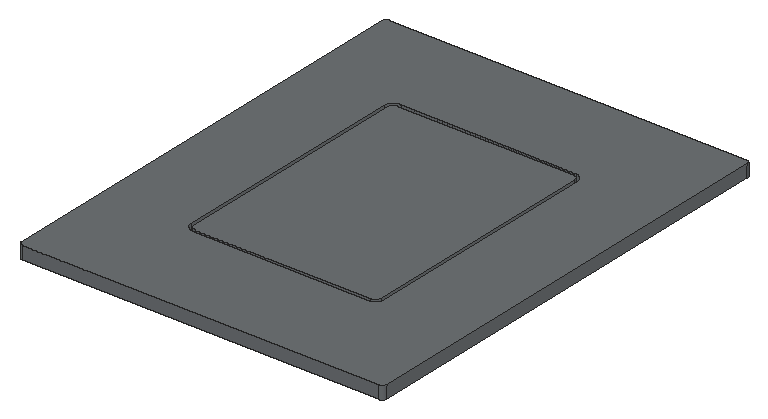
Revit family "Grohe_FlushPlate_SpaPremium_1046440000", category Plumbing Fixtures, host Face, Revit 2022
Family settings
  Host = Face
  Round Connector Dimension = Use Diameter
  Part Type = Normal
  Cut with Voids When Loaded = No
  Maintain Annotation Orientation = No
  Shared = No
  Room Calculation Point = No
Parameters (values of type "SPA Flush Plate (1046440000)")
  _ObjectUserGuide = "https://www.bimstore.co/products/spa-flush-plate-1046440000/document/object-user-guide"
  _DistributedBy = "https://www.bimstore.co/"
  _CurrentRevision = 1
  _CreatedBy = "https://www.bimstore.co/"
  _BimSpecGuid = 0
  _BSBibleVersion = 17
  _AuthorizedBy = "bimstore"
  _Author = "AM 191"
  Waste Connection = no
  WarrantyStartDate [instance] = "Please Record on Commissioning"
  WarrantyGuarantorParts = "info-uk@grohe.com"
  WarrantyGuarantorLabor = "info-uk@grohe.com"
  WarrantyDurationUnit = "Years"
  WarrantyDurationParts = "0"
  WarrantyDurationLabor = "0"
  WarrantyDescription = "n/a"
  Vent Connection = no
  URL = "https://www.grohe.co.uk/"
  TypeName = "SPA Flush Plate"
  Type Comments = "SPA Flush Plate"
  TPIDocumentLink = "https://cdn.cloud.grohe.com/tpi/2000/2200/2220/2226/2226057/original/2226057.pdf"
  SustainabilityReport = "green.grohe.com/reporting"
  SustainabilityAward = "green.grohe.com/awards"
  SpareParts = "info-uk@grohe.com"
  Size = "n/a"
  Shape = "n/a"
  SerialNumber [instance] = "Please Record on Commissioning"
  ReplacementCost = "n/a"
  ReferencedStandard = "n/a"
  ProductionYear = "2024"
  ProductType = "n/a"
  ProductShortText = "Flush plate with soft touch actuation"
  ProductNumber = "1046440000"
  ProductDescription = "for dual flush actuation\r\nfor pneumatic discharge valve AV1\r\nvertical installation\r\n160 x 201 mm\r\nmaterial: ABS\r\nGROHE Long-Life finish\r\nGROHE Water Saving - Less water, perfect flow\r\nfor combination with Rapid SL and Uniset with GD 2 cistern, slim cistern and 80 mm cistern\r\ncompatible with auto flush of Sensia Arena, Sensia Pro and Hygiena\r\n6 V lithium battery, type CR-P2\r\nbattery lifetime: 4 years for a 3 person household (approx. 17000 actuations)\r\nbattery status warning\r\nauto flush\r\ncleaning mode\r\nfor mains supply please order transformer 42 470 000"
  PrimaryMaterial = Grohe_Anthracite
  PQDiagramLink = "n/a"
  NominalLength = 0 mm
  NominalHeight = 0 mm
  NominalDepth = 0 mm
  NBSReference = "90-15-35/470"
  NBSOfficeMasterTag = "n/a"
  NBSObjectName = "Grohe - Flush control devices"
  NBSNote = "n/a"
  NBSDescription = "Flush control devices"
  ModelReference = "SPA Flush Plate"
  ModelNumber = "1046440000"
  Model = "1046440000"
  Material = "n/a"
  ManufacturerName = "Grohe"
  Manufacturer = "Grohe"
  Keynote = "N13"
  InstallationDate [instance] = "Please Record on Commissioning"
  IfcExportType = "IfcPipeFittingType"
  IfcExportAs = "IfcPipeFitting"
  HW Connection = no
  Grade = "n/a"
  GROHESustainability = "green.grohe.com"
  GROHESocialCommittment = "green.grohe.com/social_engagement"
  FullRecyclabilityOfPlastic = "All plastic components are fully recycable"
  Finish = "n/a"
  Features = "n/a"
  ExpectedLife = 0
  Ecojoy = no
  EF023752 = "true"
  EF023751 = "true"
  EF020828 = "false"
  EF020827 = "true"
  EF010109 = "false"
  EF006949 = "Pneumatic"
  EF006331 = "false"
  EF002169 = "Plastic"
  EF002147 = "Two button"
  EF001438 = "51"
  EF000040 = "201"
  EF000008 = "160"
  EF000007 = "Anthracite"
  DurationUnit = "Years"
  DocumentationTechnical = "https://www.bimstore.co/products/spa-flush-plate-1046440000/document/technical-data-sheet"
  DocumentationMaintenance = "https://www.bimstore.co/products/spa-flush-plate-1046440000/document/maintenance-information"
  DocumentationLiterature = "https://www.bimstore.co/products/spa-flush-plate-1046440000/document/product-literature"
  DocumentationInstallationGuide = "https://www.bimstore.co/products/spa-flush-plate-1046440000/document/installation-guide"
  DocumentationCertificates = "https://www.bimstore.co/products/spa-flush-plate-1046440000/document/product-certificates"
  DimensionsDocumentLink = "https://cdn.cloud.grohe.com/dimdraw/100000/100000/100000/100300/100360/100365/100365177/1280/100365177.jpg"
  Description = "SPA Flush Plate"
  Default Elevation = 0 mm
  CreatedOn = "2024-09-04T:09:00:00"
  CreatedBy = "info-uk@grohe.com"
  CradleToCradleCertification = "n/a"
  Cost = 0
  Constituents = "n/a"
  Color = "Anthracite"
  CodePerformance = "n/a"
  ClassificationValue = "Pr_75_50_46_31"
  ClassificationName = "Uniclass2015"
  CW Connection = no
  CO2NeutralProduction = "GROHE is one of the first leading manufacturer within the sanitary industry having a CO2-neutral production."
  BarCode [instance] = "Please Record on Commissioning"
  BIMObjectName = "Grohe_FlushPlate_SpaPremium_1046440000"
  AssetType = "Fixed"
  AssetIdentifier [instance] = "n/a"
  Assembly Code = ""
  AccessibilityPerformance = "n/a"
Reference planes
  plane 1 "Center (Front/Back)": y = 0
  plane 2: z = 0
  plane 3 "Center (Left/Right)": x = 0
Forms (mm)
  Extrusion 1, solid, material "Grohe_Anthracite" <- "PrimaryMaterial"
    sketch origin (0, 0, 0) x (1, 0, 0) y (0, 1, 0)
      loop
        line (78, 100.5) -> (-78, 100.5)
        arc (-78, 100.5) -> (-79.414, 99.914) -> (-80, 98.5) r 2
        line (-80, 98.5) -> (-80, -98.5)
        arc (-80, -98.5) -> (-79.414, -99.914) -> (-78, -100.5) r 2
        line (-78, -100.5) -> (78, -100.5)
        arc (78, -100.5) -> (79.414, -99.914) -> (80, -98.5) r 2
        line (80, -98.5) -> (80, 98.5)
        arc (80, 98.5) -> (79.414, 99.914) -> (78, 100.5) r 2
      loop
        arc (-38.4, 56.802) -> (-41.228, 55.63) -> (-42.4, 52.802) r 4
        line (-42.4, 52.802) -> (-42.4, -52.802)
        arc (-42.4, -52.802) -> (-41.228, -55.63) -> (-38.4, -56.802) r 4
        line (-38.4, -56.802) -> (38.4, -56.802)
        arc (38.4, -56.802) -> (41.228, -55.63) -> (42.4, -52.802) r 4
        line (42.4, -52.802) -> (42.4, 52.802)
        arc (42.4, 52.802) -> (41.228, 55.63) -> (38.4, 56.802) r 4
        line (38.4, 56.802) -> (-38.4, 56.802)
      loop
        arc (-38.4, 55.302) -> (-40.168, 54.569) -> (-40.9, 52.802) r 2.5
        line (-40.9, 52.802) -> (-40.9, -52.802)
        arc (-40.9, -52.802) -> (-40.168, -54.569) -> (-38.4, -55.302) r 2.5
        line (-38.4, -55.302) -> (38.4, -55.302)
        arc (38.4, -55.302) -> (40.168, -54.569) -> (40.9, -52.802) r 2.5
        line (40.9, -52.802) -> (40.9, 52.802)
        arc (40.9, 52.802) -> (40.168, 54.569) -> (38.4, 55.302) r 2.5
        line (38.4, 55.302) -> (-38.4, 55.302)
    from 0 to 5.5
  Extrusion 2, solid, material "Grohe_Anthracite" <- "PrimaryMaterial"
    sketch origin (0, 0, 0) x (1, 0, 0) y (0, 1, 0)
      loop
        line (-42.4, -56.802) -> (42.4, -56.802) -> (42.4, 56.802) -> (-42.4, 56.802) -> (-42.4, -56.802)
    from 0 to 2.75
Cuts and joins
  joined: Extrusion 1, Extrusion 2
Dimensions and locks
  aligned and locked: plane 2 to host face
  aligned and locked: level to host face
